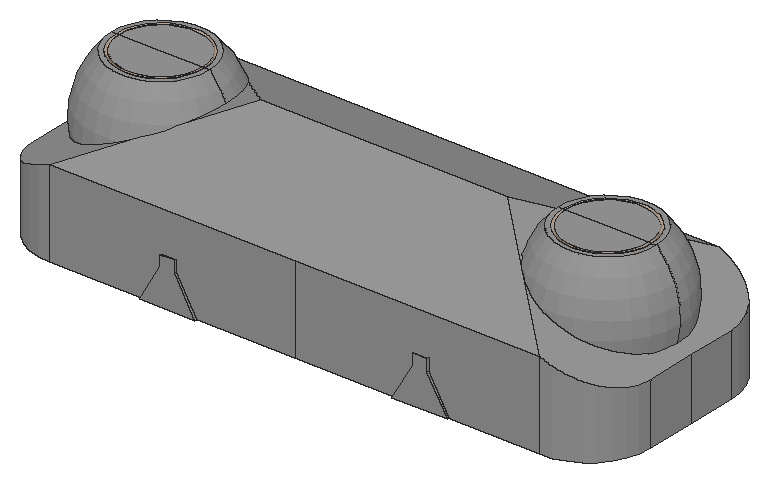
Revit family "XMRS1HO", category Lighting Fixtures, host Face, Revit 2026
Family settings
  Host = Face
  Round Connector Dimension = Use Diameter
  Part Type = Normal
  Cut with Voids When Loaded = No
  Light Source = Yes
  Maintain Annotation Orientation = No
  Shared = No
  Room Calculation Point = No
Parameters (values of type "XMRS1HO")
  Wattage Comments = "7"
  Wattage = 2.28641 W
  built-in parameter 1150110 = 1 (stored number, unit not read)
  Type Image = XMR IMAGE.png
  Type Comments = "The XMR is configured with a 120/277VAC input. Standard features \r\ninclude solid-state charging circuitry, low voltage disconnect, AC \r\nlockout and brownout protection. Maintenance free 6V 4.5Ah sealed \r\nlead calcium battery."
  built-in parameter 1114217 = 1 (stored number, unit not read)
  Tilt Angle = 0.00°
  built-in parameter 1150109 = 1 (stored number, unit not read)
  built-in parameter 1150134 = 2
  built-in parameter 1150113 = 1 (stored number, unit not read)
  Photometric Web File = "XMRS1-LED-7W.ies"
  built-in parameter 1150142 = "IESNA:LM-63-2002\r\n[TEST]ITL85541\r\n[TESTLAB] BEGHELLI\r\n[ISSUEDATE]09/01/15\r\n[MANUFAC]BEGHELLI\r\n[LUMCAT] XMRS1LED7W / 5000°K (PRO 5W)\r\n[LUMINAIRE]MOLDED WHITE PLASTIC HOUSING, TWO MOLDED WHITE PLASTIC SWIVEL\r\n[MORE]HEAD ASSEMBLIES, EACH HEAD ASSEMBLY WITH ONE MR-16 STYLE BI-PIN\r\n[MORE]BASE LED LAMP. MOLDED WHITE PLASTIC LAMP RETAINING RING. ONLY ONE\r\n[MORE]HEAD ASSEMBLY ENERGIZED FOR THIS TEST.\r\n[LAMP]ONE MR-16 STYLE BI-PIN BASE LED LAMP. LAMP CONSISTS OF MOLDED\r\n[MORE]FINNED WHITE PLASTIC BODY, MOLDED WHITE PLASTIC TOP, ONE WHITE\r\n[MORE]CIRCUIT BOARD WITH 7 LEDS, CLEAR MICRO-PRISMATIC FLAT PLASTIC LENS\r\n[MORE]WITH ONE OPTIC PER LED. VERTICAL BASE-UP POSITION.\r\n[OTHER]INPUT ELECTRICAL: 6.0 VOLTS, 7WATTS PRORATED FROM 5W\r\n[_MOUNTING]SURFACE\r\n[_NOTE]DATA SHOWN IS ABSOLUTE FOR THE SAMPLE PROVIDED AT CLIENT\r\n[MORE]REQUESTED INPUT VOLTAGE (6.0VDC) TO THE BEST LIGHTING PRODUCTS\r\n[MORE]PROPRIETARY CIRCUIT BOARD. THE SWIVEL HEAD ASSEMBLY WAS SET IN A\r\n[MORE]CLIENT REQUESTED POSITION WHICH IS CANTED APPROXIMATELY 30-DEGREES\r\n[MORE]FROM STRAIGHT AHEAD WHEN LUMINAIRE IS IN THE VERTICAL AND LEVEL\r\n[MORE]POSITION. FOR THIS TEST THE LUMINAIRE WAS POSITIONED TO PLACE THE\r\n[MORE]LEDS IN THE VERTICAL BASE-UP POSITION (AIMED TOWARDS NADIR).\r\n[OTHER]TEST PROCEDURE: IESNA LM-79-08\r\n[OTHER]TEST DISTANCE = 20.0 FEET\r\n[_ABSOLUTELUMENS]471\r\nTILT=NONE\r\n1 -1 1.36 64 1 1 1 -0.166667 -0.166667 0\r\n1 1 7\r\n0 0.5 1 1.5 2 2.5 3 3.5 4 4.5 5 5.5 6 6.5 7 7.5 8 8.5 9 9.5 10 10.5 11 11.5 12 12.5 13 13.5 14 14.5 15 16 17 18 19 20 22.5 25 27.5 30 32.5 35 37.5 40 42.5 45 47.5 50 52.5 55 57.5 60 62.5 65 67.5 70 72.5 75 77.5 80 82.5 85 87.5 90\r\n0\r\n870.00 870.00 869.00 867.00 862.00 856.00 848.00 838.00 826.00 814.00 800.00 784.00 768.00 751.00 734.00 716.00 697.00 677.00 657.00 638.00 617.00 596.00 575.00 555.00 533.00 513.00 493.00 473.00 453.00 434.00 414.00 379.00 346.00 314.00 285.00 258.00 \r\n199.00 153.00 117.00 90.00 70.00 54.00 43.00 36.00 30.00 26.00 23.00 21.00 19.00 17.00 16.00 14.00 13.00 11.00 10.00 8.00 7.00 6.00 4.00 3.00 1.00 0.00 0.00 0.00\r\n"
  Model = "XMRS1LED7W"
  Manufacturer = "BEGHELLI"
  built-in parameter 1150105 = 37.481 (stored number, unit not read)
  Lumens = 471 lm
  built-in parameter 1150115 = 1 (stored number, unit not read)
  built-in parameter 1150137 = (empty or 0)
  built-in parameter 1150139 = (empty or 0)
  built-in parameter 1150112 = 1 (stored number, unit not read)
  built-in parameter 1150114 = 1 (stored number, unit not read)
  Lamp = "LED"
  LENS MATERIAL = LENS MATERIAL
  LED MATERIAL = LED MATERIAL
  LED BOARD MATERIAL = LED BOARD MATERIAL
  Keynote = ""
  built-in parameter 1150132 = 2
  built-in parameter 1150102 = (empty or 0)
  built-in parameter 1150107 = 5000 (stored number, unit not read)
  built-in parameter 1150138 = (empty or 0)
  built-in parameter 1150106 = 0.37481 (stored number, unit not read)
  Emit from Line Length = 609.6 mm
  built-in parameter 1150104 = 19.138 (stored number, unit not read)
  Dimming Lamp Color Temperature Shift = <None>
  Default Elevation = 1219.2 mm
  Color Filter = 16777215
  built-in parameter 1114218 = 1 (stored number, unit not read)
  HOUSING MATERIAL = HOUSING MATERIAL
  built-in parameter 1150133 = 10 (stored number, unit not read)
Reference planes
  plane 1 "Center (Front/Back)": y = 0
  plane 2: z = 0
  plane 3 "Center (Left/Right)": x = 0
Dimensions and locks
  aligned and locked: plane 2 to host face
  aligned and locked: level to host face
  aligned and locked: nested 1 to host face
  aligned and locked: imposter light to nested 1
Nested families
  nested 1: "XMR" at (0, 0, 0), type "XMR"
Definition of nested family "XMR"
  Parameters (values of type "XMR")
    RING MATERIAL = none
    LENS MATERIAL = none
    LED MATERIAL = none
    LED BOARD MATERIAL = none
    HOUSING MATERIAL = none
    Default Elevation = 0 mm
  Reference planes
    plane 1 "Center (Front/Back)": y = 0
    plane 2: z = 0
    plane 3 "Center (Left/Right)": x = 0
  Dimensions and locks
    aligned and locked: plane 2 to level
  Nested families
    nested 1: "XMR BODY" at (0, 0, 0), type "XMR BODY"
    nested 2: "XMR LAMP" at (0, 0, 0), type "XMR LAMP"
  Definition of nested family "XMR BODY"
    Parameters (values of type "XMR BODY")
      Default Elevation = 0 mm
      HOUSING MATERIAL = none
    Reference planes
      plane 1 "Center (Front/Back)": y = 0
      plane 2: z = 0
      plane 3 "Center (Left/Right)": x = 0
      plane 4: z = 78.74
      plane 5: x = -173.99
      plane 6: x = 173.99
      plane 7: y = 63.5
      plane 8: y = -63.5
    Forms (mm)
      Extrusion 1, solid, material <- "HOUSING MATERIAL"
        sketch origin (0, 0, 0) x (1, 0, 0) y (0, 1, 0)
          loop
            arc (-139.075, 63.5) -> (-163.764, 53.274) -> (-173.99, 28.585) r 34.915
            line (-173.99, 28.585) -> (-173.99, 0) -> (-173.99, -28.585)
            arc (-173.99, -28.585) -> (-163.764, -53.274) -> (-139.075, -63.5) r 34.915
            line (-139.075, -63.5) -> (0, -63.5) -> (139.075, -63.5)
            arc (139.075, -63.5) -> (163.764, -53.274) -> (173.99, -28.585) r 34.915
            line (173.99, -28.585) -> (173.99, 0) -> (173.99, 28.585)
            arc (173.99, 28.585) -> (163.764, 53.274) -> (139.075, 63.5) r 34.915
            line (139.075, 63.5) -> (0, 63.5) -> (-139.075, 63.5)
        from 0 to 78.74
      Extrusion 2, void
        sketch origin (0, 0, 0) x (-1, 0, 0) y (0, 0, -1)
          loop
            line (-35.818, -104.443) -> (-35.818, -93.337) -> (-175.25, -34.152) -> (-175.25, -104.443) -> (-35.818, -104.443)
        from -82.783 to 82.675
      Extrusion 3, solid, material <- "HOUSING MATERIAL"
        sketch origin (0, 0, 0) x (1, 0, 0) y (0, 0, 1)
          loop
            line (-67.41, 26.514) -> (-75.801, 26.514) -> (-75.801, 20.164) -> (-87.443, 0) -> (-55.769, 0) -> (-67.41, 20.164) -> (-67.41, 26.514)
        from -64.189 to 64.347
      Extrusion 4, solid, material <- "HOUSING MATERIAL"
        sketch origin (0, 0, 0) x (-1, 0, 0) y (0, 0, -1)
          loop
            line (-67.41, -26.514) -> (-67.41, -20.164) -> (-55.769, 0) -> (-87.443, 0) -> (-75.801, -20.164) -> (-75.801, -26.514) -> (-67.41, -26.514)
        from -64.189 to 64.347
      Extrusion 5, void
        sketch origin (0, 0, 0) x (0, 1, 0) y (0, 0, 1)
          loop
            line (63.5, 49.507) -> (69.85, 49.507) -> (69.85, 87.607) -> (-69.85, 87.607) -> (-69.85, 49.507) -> (-63.5, 49.507) -> (0, 78.74) -> (63.5, 49.507)
        from -187.879 to 191.186
      Extrusion 6, void
        sketch origin (0, 0, 0) x (1, 0, 0) y (0, 0, 1)
          loop
            line (-35.818, 104.443) -> (-175.25, 104.443) -> (-175.25, 34.152) -> (-35.818, 93.337) -> (-35.818, 104.443)
        from -82.783 to 82.675
    Cuts and joins
      Extrusion 2, Extrusion 5, Extrusion 6 cuts Extrusion 1
    Dimensions and locks
      level to plane 4 = 78.74 mm
      plane 5 to plane 3 "Center (Left/Right)" = 173.99 mm
      plane 7 to plane 1 "Center (Front/Back)" = 63.5 mm
      plane 4 to plane 2 = 78.74 mm
      aligned and locked: plane 2 to level
      aligned and locked: plane 4 to Extrusion 1
  Definition of nested family "XMR LAMP"
    Parameters (values of type "XMR LAMP")
      RING MATERIAL = none
      LENS MATERIAL = none
      LED MATERIAL = none
      LED BOARD MATERIAL = none
      Default Elevation = 0 mm
      HOUSING MATERIAL = none
    Reference planes
      plane 1 "Center (Front/Back)": y = 0
      plane 2: z = 0
      plane 3 "Center (Left/Right)": x = 0
    Forms (mm)
      Revolve 1, solid, material <- "HOUSING MATERIAL"
        sketch origin (0, 0, 0) x (1, 0, 0) y (0, 0, 1)
          loop
            arc (-154.625, 83.778) -> (-166.601, 62.738) -> (-166.749, 38.53) r 47.866
            line (-166.749, 38.53) -> (-126.73, 38.53) -> (-126.73, 43.61) -> (-162.617, 43.61)
            arc (-162.617, 43.61) -> (-161.449, 62.298) -> (-152.413, 78.698) r 42.786
            line (-152.413, 78.698) -> (-150.286, 78.698) -> (-151.947, 83.778) -> (-154.625, 83.778)
          axis (-126.73, 38.53) -> (-126.73, 83.778)
        angle from 0 to 360
      Revolve 2, solid, material <- "RING MATERIAL"
        sketch origin (0, 0, 0) x (1, 0, 0) y (0, 0, 1)
          loop
            line (-101.513, 83.778) -> (-103.182, 83.778) -> (-104.735, 78.698) -> (-103.173, 78.698) -> (-101.513, 83.778)
          axis (-126.73, 83.778) -> (-126.73, 78.698)
        angle from 0 to 360
      Revolve 3, solid, material <- "LENS MATERIAL"
        sketch origin (0, 0, 0) x (1, 0, 0) y (0, 0, 1)
          loop
            line (-103.182, 83.778) -> (-126.73, 83.778) -> (-126.73, 82.528) -> (-103.564, 82.528) -> (-103.182, 83.778)
          axis (-126.73, 83.778) -> (-126.73, 82.528)
        angle from 0 to 360
      Revolve 4, solid, material <- "LED BOARD MATERIAL"
        sketch origin (0, 0, 0) x (1, 0, 0) y (0, 0, 1)
          loop
            line (-149.473, 81.145) -> (-148.724, 78.698) -> (-126.73, 78.698) -> (-126.73, 81.145) -> (-149.473, 81.145)
          axis (-126.73, 81.145) -> (-126.73, 78.698)
        angle from 0 to 360
      Extrusion 5, solid, material <- "LED MATERIAL"
        sketch origin (0.992, 0, 0) x (1, 0, 0) y (0, 1, 0)
          loop
            circle (-143.403, 0) r 2.575
        from 81.145 to 82.206
      Extrusion 6, solid, material <- "LED MATERIAL"
        sketch origin (-62.54, -110.041, 0) x (0.5, -0.866025, 0) y (0.866025, 0.5, 0)
          loop
            circle (-143.403, 0) r 2.575
        from 81.145 to 82.206
      Extrusion 7, solid, material <- "LED MATERIAL"
        sketch origin (-62.54, 110.041, 0) x (0.5, 0.866025, 0) y (-0.866025, 0.5, 0)
          loop
            circle (-143.403, 0) r 2.575
        from 81.145 to 82.206
      Extrusion 8, solid, material <- "LED MATERIAL"
        sketch origin (-189.605, 110.041, 0) x (-0.5, 0.866025, 0) y (-0.866025, -0.5, 0)
          loop
            circle (-143.403, 0) r 2.575
        from 81.145 to 82.206
      Extrusion 9, solid, material <- "LED MATERIAL"
        sketch origin (-253.137, 0, 0) x (-1, 0, 0) y (0, -1, 0)
          loop
            circle (-143.403, 0) r 2.575
        from 81.145 to 82.206
      Extrusion 10, solid, material <- "LED MATERIAL"
        sketch origin (-189.605, -110.041, 0) x (-0.5, -0.866025, 0) y (0.866025, -0.5, 0)
          loop
            circle (-143.403, 0) r 2.575
        from 81.145 to 82.206
      Revolve 11, solid, material <- "HOUSING MATERIAL"
        sketch origin (0, 0, 0) x (-1, 0, 0) y (0, 0, -1)
          loop
            line (-154.625, -83.778) -> (-151.947, -83.778) -> (-150.286, -78.698) -> (-152.413, -78.698)
            arc (-152.413, -78.698) -> (-161.449, -62.298) -> (-162.617, -43.61) r 42.786
            line (-162.617, -43.61) -> (-126.73, -43.61) -> (-126.73, -38.53) -> (-166.749, -38.53)
            arc (-166.749, -38.53) -> (-166.601, -62.738) -> (-154.625, -83.778) r 47.866
          axis (-126.73, -38.53) -> (-126.73, -83.778)
        angle from 0 to 360
      Revolve 12, solid, material <- "RING MATERIAL"
        sketch origin (0, 0, 0) x (-1, 0, 0) y (0, 0, -1)
          loop
            line (-101.513, -83.778) -> (-103.173, -78.698) -> (-104.735, -78.698) -> (-103.182, -83.778) -> (-101.513, -83.778)
          axis (-126.73, -83.778) -> (-126.73, -78.698)
        angle from 0 to 360
      Revolve 13, solid, material <- "LENS MATERIAL"
        sketch origin (0, 0, 0) x (-1, 0, 0) y (0, 0, -1)
          loop
            line (-103.182, -83.778) -> (-103.564, -82.528) -> (-126.73, -82.528) -> (-126.73, -83.778) -> (-103.182, -83.778)
          axis (-126.73, -83.778) -> (-126.73, -82.528)
        angle from 0 to 360
      Revolve 14, solid, material <- "LED BOARD MATERIAL"
        sketch origin (0, 0, 0) x (-1, 0, 0) y (0, 0, -1)
          loop
            line (-149.473, -81.145) -> (-126.73, -81.145) -> (-126.73, -78.698) -> (-148.724, -78.698) -> (-149.473, -81.145)
          axis (-126.73, -81.145) -> (-126.73, -78.698)
        angle from 0 to 360
      Extrusion 15, solid, material <- "LED MATERIAL"
        sketch origin (189.605, -110.041, 0) x (0.5, -0.866025, 0) y (0.866025, 0.5, 0)
          loop
            circle (-118.895, 14.15) r 2.575
        from 81.145 to 82.206
      Extrusion 16, solid, material <- "LED MATERIAL"
        sketch origin (253.137, 0, 0) x (1, 0, 0) y (0, 1, 0)
          loop
            circle (-118.895, 14.15) r 2.575
        from 81.145 to 82.206
      Extrusion 17, solid, material <- "LED MATERIAL"
        sketch origin (62.54, -110.041, 0) x (-0.5, -0.866025, 0) y (0.866025, -0.5, 0)
          loop
            circle (-118.895, 14.15) r 2.575
        from 81.145 to 82.206
      Extrusion 18, solid, material <- "LED MATERIAL"
        sketch origin (-0.992, 0, 0) x (-1, 0, 0) y (0, -1, 0)
          loop
            circle (-118.895, 14.15) r 2.575
        from 81.145 to 82.206
      Extrusion 19, solid, material <- "LED MATERIAL"
        sketch origin (62.54, 110.041, 0) x (-0.5, 0.866025, 0) y (-0.866025, -0.5, 0)
          loop
            circle (-118.895, 14.15) r 2.575
        from 81.145 to 82.206
      Extrusion 20, solid, material <- "LED MATERIAL"
        sketch origin (189.605, 110.041, 0) x (0.5, 0.866025, 0) y (-0.866025, 0.5, 0)
          loop
            circle (-118.895, 14.15) r 2.575
        from 81.145 to 82.206
    Dimensions and locks
      aligned and locked: plane 2 to level
